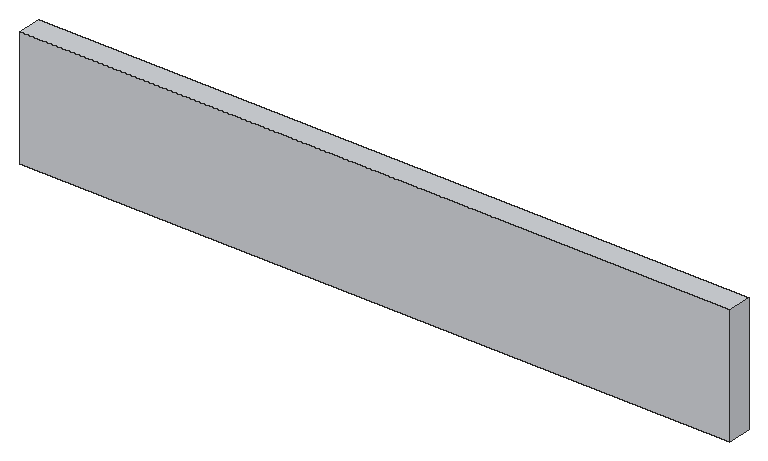
Revit family "Family esercitazione", category Generic Models, Revit 2018
Family settings
  Can host rebar = No
  Round Connector Dimension = Use Diameter
  Part Type = Normal
  Work Plane-Based = No
  Always vertical = Yes
  Cut with Voids When Loaded = No
  Shared = No
  Room Calculation Point = No
Parameters (values of type "Tipo spessore 10")
  spessore prospetto [instance] = 500 mm
  base pianta [instance] = 3000 mm
  altezza pianta = 100 mm
  altezza da terra [instance] = 500 mm
Types (4, lengths in mm): name | altezza pianta
  (no name) | 100
  Tipo spessore 10 | 100
  Tipo spessore 30 | 300
  Tipo spessore 50 | 500
Reference planes
  plane 1 "Terra": y = 0
  plane 2: z = 0
  plane 3 "Center (Left/Right)": x = 0
  plane 4 "base": y = 100
  plane 5: x = -3000
  plane 6: z = 500
  plane 7: z = 1000
Forms (mm)
  Extrusion 1, solid
    sketch origin (0, 0, 936.874) x (1, 0, 0) y (0, 1, 0)
      loop
        line (-3000, 100) -> (-3000, 0) -> (0, 0) -> (0, 100) -> (-3000, 100)
    from -436.874 to 63.126
Dimensions and locks
  "base pianta": plane 5 to plane 3 "Center (Left/Right)"
  "altezza pianta": plane 4 "base" to plane 1 "Terra"
  plane 4 "base" to plane 1 "Terra" = 100 mm
  "base pianta": plane 3 "Center (Left/Right)" to plane 5
  "altezza da terra": plane 6 to level
  "spessore prospetto": plane 7 to plane 6
  aligned and locked: level to plane 2
  aligned and locked: plane 4 "base" to Extrusion 1
  aligned and locked: plane 3 "Center (Left/Right)" to Extrusion 1
  aligned and locked: Extrusion 1 to plane 1 "Terra"
  aligned and locked: Extrusion 1 to plane 5
  aligned and locked: Extrusion 1 to plane 6
  aligned and locked: plane 7 to Extrusion 1
Automatic sketch dimensions
  Extrusion 1 sketch curve to plane 5 = 0 mm
  plane 3 "Center (Left/Right)" to Extrusion 1 sketch curve = 0 mm
  plane 1 "Terra" to Extrusion 1 sketch curve = 0 mm
  plane 4 "base" to Extrusion 1 sketch curve = 0 mm
